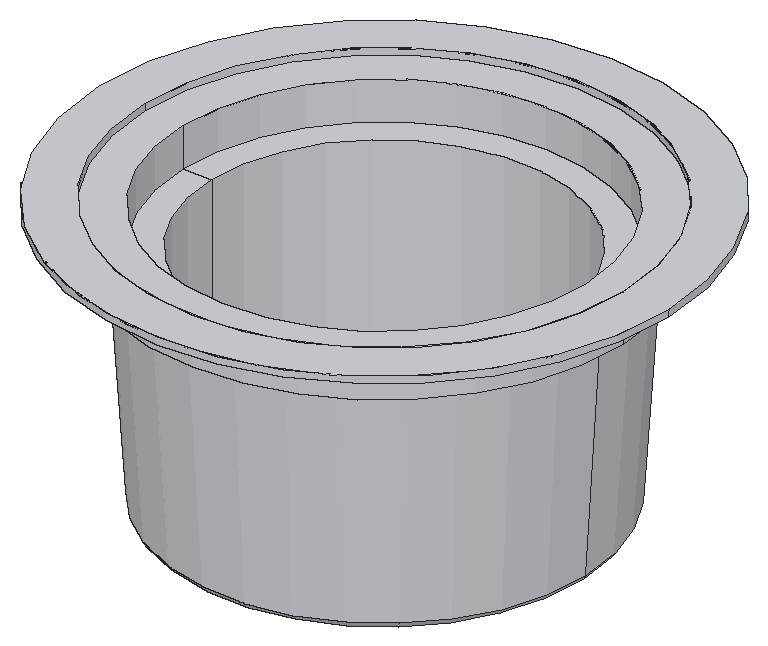
Revit family "Lighting-CommercialSector-GEWISS-ELIA-AL-LED_ACCENT_D172", category Apparecchi per illuminazione, host Superficie, Revit 2019 (continued)
Types (16, lengths in mm): name | Technical sheet | Optic | built-in parameter 1150142 | Lumen output (lm) | Model | IDT | File diagramma fotometrico | Description | Colour temperature: | Colour temperature
  GWF1410MG840 - ELIA AL M2 40K 36° ST.ALONE ON/OFF CRI80 | "https://www.gewiss.com/ww/en/search?q=GWF1101MC840" | "36°" | "IESNA:LM-63-1995\r\n[TEST] 1\r\n[DATE] 27 Nov 2019\r\n[MANUFAC] GEWISS\r\n[LUMCAT] GWF1410MG840\r\n[LUMINAIRE] ELIA AL - M2 36° LED840 25W\r\n[FLASHAREA] 0.003065\r\n[LAMPCAT] LED 25W/2700lm\r\n[LAMP] LED 25W/2700lm\r\nTILT=NONE\r\n1 2700.00 1.0 91 4 1 2 -0.127 0.000 0.000\r\n1.00 1.00 25.00\r\n0.00 1.00 2.00 3.00 4.00 5.00 6.00 7.00 8.00 9.00 10.00 \r\n11.00 12.00 13.00 14.00 15.00 16.00 17.00 18.00 19.00 \r\n20.00 21.00 22.00 23.00 24.00 25.00 26.00 27.00 28.00 \r\n29.00 30.00 31.00 32.00 33.00 34.00 35.00 36.00 37.00 \r\n38.00 39.00 40.00 41.00 42.00 43.00 44.00 45.00 46.00 \r\n47.00 48.00 49.00 50.00 51.00 52.00 53.00 54.00 55.00 \r\n56.00 57.00 58.00 59.00 60.00 61.00 62.00 63.00 64.00 \r\n65.00 66.00 67.00 68.00 69.00 70.00 71.00 72.00 73.00 \r\n74.00 75.00 76.00 77.00 78.00 79.00 80.00 81.00 82.00 \r\n83.00 84.00 85.00 86.00 87.00 88.00 89.00 90.00 \r\n0.00 30.00 60.00 90.00 \r\n5832.00 5814.45 5775.30 5721.30 5655.15 5564.70 5443.20 \r\n5314.95 5157.00 4982.85 4792.50 4579.20 4351.05 4108.05 \r\n3854.25 3600.45 3335.85 3075.57 2820.15 2575.26 2339.95 \r\n2122.47 1922.81 1731.38 1566.95 1418.31 1284.26 1167.75 \r\n1062.72 969.44 886.82 812.84 745.88 684.99 630.72 581.18 \r\n533.12 489.92 449.01 411.35 372.46 336.56 300.83 263.17 \r\n225.02 186.33 148.61 116.72 89.41 64.10 43.72 30.92 22.87 \r\n15.53 10.53 7.77 6.10 4.93 4.04 3.34 2.83 2.43 2.06 1.83 \r\n1.65 1.48 1.40 1.32 1.25 1.19 1.11 1.06 0.98 0.92 0.86 \r\n0.78 0.72 0.65 0.55 0.45 0.33 0.21 0.14 0.06 0.00 0.00 \r\n0.00 0.00 0.00 0.00 0.00 \r\n5811.75 5800.95 5761.80 5711.85 5636.93 5550.53 5436.45 \r\n5306.85 5153.63 4974.75 4779.00 4564.35 4336.20 4093.88 \r\n3846.15 3591.00 3330.45 3071.32 2817.52 2569.79 2338.07 \r\n2119.30 1920.24 1737.65 1569.78 1420.54 1287.56 1169.57 \r\n1064.95 972.27 889.18 816.55 751.75 692.41 639.70 590.42 \r\n545.74 501.86 462.11 424.37 386.44 349.62 313.90 274.18 \r\n235.14 194.60 154.31 118.61 88.18 62.23 42.57 29.84 21.30 \r\n13.99 9.71 7.34 5.83 4.78 3.97 3.34 2.84 2.42 2.05 1.81 \r\n1.65 1.51 1.41 1.35 1.30 1.20 1.13 1.07 1.00 0.95 0.86 \r\n0.80 0.72 0.64 0.54 0.44 0.34 0.20 0.10 0.06 0.00 0.00 \r\n0.00 0.00 0.00 0.00 0.00 \r\n5813.10 5799.60 5767.88 5713.20 5644.35 5555.93 5447.25 \r\n5310.90 5159.03 4976.78 4781.70 4565.03 4334.85 4096.57 \r\n3848.85 3593.70 3334.50 3075.71 2820.28 2578.23 2344.28 \r\n2127.40 1930.50 1748.52 1582.07 1431.81 1297.55 1178.95 \r\n1072.91 980.30 898.09 825.80 762.01 704.84 653.94 607.03 \r\n563.69 522.32 482.63 444.08 407.77 370.52 333.02 293.34 \r\n251.96 208.39 163.67 121.34 85.79 60.01 42.04 28.82 18.63 \r\n12.31 8.98 7.04 5.71 4.71 3.96 3.37 2.84 2.38 2.04 1.83 \r\n1.66 1.55 1.46 1.39 1.31 1.23 1.16 1.10 1.03 0.95 0.90 \r\n0.82 0.75 0.66 0.57 0.46 0.33 0.24 0.16 0.07 0.00 0.00 \r\n0.00 0.00 0.00 0.00 0.00 \r\n5813.10 5798.25 5769.90 5717.25 5643.00 5555.25 5443.20 \r\n5305.50 5151.60 4982.85 4781.70 4564.35 4336.20 4094.55 \r\n3847.50 3596.40 3337.20 3079.35 2824.61 2579.45 2350.35 \r\n2137.05 1941.98 1752.84 1586.93 1436.27 1301.81 1182.20 \r\n1077.44 983.34 900.18 827.69 765.32 709.56 660.01 611.01 \r\n568.89 528.39 488.16 450.36 414.45 377.70 339.34 299.12 \r\n256.59 211.92 164.25 118.69 80.62 56.82 41.93 27.93 17.13 \r\n11.67 8.83 6.98 5.71 4.74 4.01 3.42 2.88 2.39 2.08 1.81 \r\n1.68 1.57 1.49 1.41 1.33 1.27 1.19 1.11 1.06 1.00 0.90 \r\n0.84 0.76 0.67 0.58 0.48 0.35 0.26 0.18 0.04 0.00 0.00 \r\n0.00 0.00 0.00 0.00 0.00 \r\n" | "2700" | "GWF1410MG840" | "dac8aab5-3b7b-479a-a154-b0cba290e9b5" | "GWF1410MG840.IES" | "ELIA AL M2 40K 36° ST.ALONE ON/OFF CRI80" | "4000K" | "4000K"
  GWF1410MG940 - ELIA AL M2 40K 36° ST.ALONE ON/OFF CRI90 | "https://www.gewiss.com/ww/en/search?q=GWF1100MC840" | "36°" | "IESNA:LM-63-1995\r\n[TEST] 1\r\n[DATE] 27 Nov 2019\r\n[MANUFAC] GEWISS\r\n[LUMCAT] GWF1410MG940\r\n[LUMINAIRE] ELIA AL - M2 36° LED940 25W\r\n[FLASHAREA] 0.003065\r\n[LAMPCAT] LED 25W/2300lm\r\n[LAMP] LED 25W/2300lm\r\nTILT=NONE\r\n1 2300.00 1.0 91 4 1 2 -0.127 0.000 0.000\r\n1.00 1.00 25.00\r\n0.00 1.00 2.00 3.00 4.00 5.00 6.00 7.00 8.00 9.00 10.00 \r\n11.00 12.00 13.00 14.00 15.00 16.00 17.00 18.00 19.00 \r\n20.00 21.00 22.00 23.00 24.00 25.00 26.00 27.00 28.00 \r\n29.00 30.00 31.00 32.00 33.00 34.00 35.00 36.00 37.00 \r\n38.00 39.00 40.00 41.00 42.00 43.00 44.00 45.00 46.00 \r\n47.00 48.00 49.00 50.00 51.00 52.00 53.00 54.00 55.00 \r\n56.00 57.00 58.00 59.00 60.00 61.00 62.00 63.00 64.00 \r\n65.00 66.00 67.00 68.00 69.00 70.00 71.00 72.00 73.00 \r\n74.00 75.00 76.00 77.00 78.00 79.00 80.00 81.00 82.00 \r\n83.00 84.00 85.00 86.00 87.00 88.00 89.00 90.00 \r\n0.00 30.00 60.00 90.00 \r\n4968.00 4953.05 4919.70 4873.70 4817.35 4740.30 4636.80 \r\n4527.55 4393.00 4244.65 4082.50 3900.80 3706.45 3499.45 \r\n3283.25 3067.05 2841.65 2619.93 2402.35 2193.74 1993.29 \r\n1808.03 1637.94 1474.87 1334.80 1208.19 1093.99 994.75 \r\n905.28 825.81 755.43 692.41 635.38 583.51 537.28 495.07 \r\n454.13 417.33 382.49 350.40 317.28 286.69 256.27 224.18 \r\n191.68 158.72 126.59 99.43 76.16 54.60 37.24 26.34 19.49 \r\n13.23 8.97 6.62 5.20 4.20 3.44 2.84 2.41 2.07 1.75 1.56 \r\n1.41 1.26 1.19 1.13 1.06 1.02 0.95 0.90 0.83 0.78 0.73 \r\n0.67 0.62 0.55 0.47 0.38 0.28 0.18 0.12 0.05 0.00 0.00 \r\n0.00 0.00 0.00 0.00 0.00 \r\n4950.75 4941.55 4908.20 4865.65 4801.82 4728.22 4631.05 \r\n4520.65 4390.13 4237.75 4071.00 3888.15 3693.80 3487.37 \r\n3276.35 3059.00 2837.05 2616.31 2400.11 2189.08 1991.68 \r\n1805.33 1635.76 1480.22 1337.22 1210.09 1096.81 996.30 \r\n907.18 828.23 757.45 695.58 640.38 589.83 544.93 502.95 \r\n464.89 427.51 393.64 361.50 329.19 297.82 267.40 233.56 \r\n200.30 165.77 131.44 101.04 75.12 53.01 36.27 25.42 18.15 \r\n11.92 8.27 6.25 4.97 4.08 3.38 2.84 2.42 2.06 1.75 1.54 \r\n1.40 1.28 1.21 1.15 1.11 1.02 0.97 0.91 0.85 0.81 0.73 \r\n0.68 0.62 0.55 0.46 0.37 0.29 0.17 0.09 0.05 0.00 0.00 \r\n0.00 0.00 0.00 0.00 0.00 \r\n4951.90 4940.40 4913.38 4866.80 4808.15 4732.82 4640.25 \r\n4524.10 4394.72 4239.47 4073.30 3888.72 3692.65 3489.67 \r\n3278.65 3061.30 2840.50 2620.05 2402.46 2196.27 1996.97 \r\n1812.23 1644.50 1489.48 1347.68 1219.69 1105.32 1004.29 \r\n913.96 835.07 765.04 703.46 649.12 600.41 557.06 517.10 \r\n480.18 444.93 411.12 378.29 347.36 315.63 283.69 249.88 \r\n214.64 177.52 139.43 103.36 73.08 51.12 35.81 24.55 15.87 \r\n10.49 7.65 6.00 4.86 4.02 3.37 2.87 2.42 2.03 1.74 1.56 \r\n1.41 1.32 1.25 1.18 1.11 1.05 0.99 0.94 0.88 0.81 0.76 \r\n0.70 0.64 0.56 0.49 0.40 0.28 0.20 0.13 0.06 0.00 0.00 \r\n0.00 0.00 0.00 0.00 0.00 \r\n4951.90 4939.25 4915.10 4870.25 4807.00 4732.25 4636.80 \r\n4519.50 4388.40 4244.65 4073.30 3888.15 3693.80 3487.95 \r\n3277.50 3063.60 2842.80 2623.15 2406.14 2197.30 2002.15 \r\n1820.45 1654.27 1493.16 1351.82 1223.48 1108.94 1007.05 \r\n917.81 837.66 766.82 705.06 651.93 604.44 562.23 520.49 \r\n484.61 450.11 415.84 383.64 353.05 321.75 289.06 254.81 \r\n218.58 180.53 139.92 101.11 68.68 48.40 35.72 23.79 14.59 \r\n9.94 7.53 5.95 4.86 4.04 3.41 2.91 2.45 2.04 1.78 1.55 \r\n1.43 1.34 1.27 1.20 1.13 1.08 1.01 0.95 0.90 0.85 0.77 \r\n0.72 0.65 0.57 0.50 0.41 0.30 0.22 0.16 0.03 0.00 0.00 \r\n0.00 0.00 0.00 0.00 0.00 \r\n" | "2430" | "GWF1410MG940" | "b264b49f-5d6f-4a66-ab17-1af13ed3dbcf" | "GWF1410MG940.IES" | "ELIA AL M2 40K 36° ST.ALONE ON/OFF CRI90" | "4000K" | "4000K"
  GWF1411MH840 - ELIA AL M2 40K 60° ST.ALONE DALI CRI80 | "https://www.gewiss.com/ww/en/search?q=GWF1100GF840" | "60°" | "IESNA:LM-63-1995\r\n[TEST] 1\r\n[DATE] 27 Nov 2019\r\n[MANUFAC] GEWISS\r\n[LUMCAT] GWF1411MH840\r\n[LUMINAIRE] ELIA AL - M2 60° LED840 25W - DALI\r\n[FLASHAREA] 0.003065\r\n[LAMPCAT] LED 25W/2840lm\r\n[LAMP] LED 25W/2840lm\r\nTILT=NONE\r\n1 2840.00 1.0 91 4 1 2 -0.127 0.000 0.000\r\n1.00 1.00 25.00\r\n0.00 1.00 2.00 3.00 4.00 5.00 6.00 7.00 8.00 9.00 10.00 \r\n11.00 12.00 13.00 14.00 15.00 16.00 17.00 18.00 19.00 \r\n20.00 21.00 22.00 23.00 24.00 25.00 26.00 27.00 28.00 \r\n29.00 30.00 31.00 32.00 33.00 34.00 35.00 36.00 37.00 \r\n38.00 39.00 40.00 41.00 42.00 43.00 44.00 45.00 46.00 \r\n47.00 48.00 49.00 50.00 51.00 52.00 53.00 54.00 55.00 \r\n56.00 57.00 58.00 59.00 60.00 61.00 62.00 63.00 64.00 \r\n65.00 66.00 67.00 68.00 69.00 70.00 71.00 72.00 73.00 \r\n74.00 75.00 76.00 77.00 78.00 79.00 80.00 81.00 82.00 \r\n83.00 84.00 85.00 86.00 87.00 88.00 89.00 90.00 \r\n0.00 30.00 60.00 90.00 \r\n3382.44 3385.28 3389.54 3393.80 3395.22 3389.54 3378.18 \r\n3362.56 3346.94 3328.48 3311.44 3292.98 3267.42 3234.76 \r\n3195.00 3145.30 3081.40 3006.14 2920.94 2822.82 2717.03 \r\n2602.72 2481.17 2350.95 2215.48 2073.34 1928.50 1787.64 \r\n1641.80 1496.40 1354.40 1220.63 1099.79 990.88 892.61 \r\n804.15 724.20 652.77 587.45 526.96 471.16 419.18 370.90 \r\n324.61 280.62 236.93 194.92 154.14 117.18 87.90 64.82 \r\n46.31 31.62 21.92 15.01 9.69 6.17 4.04 3.17 2.70 2.36 \r\n2.12 1.86 1.63 1.47 1.34 1.26 1.19 1.12 1.07 1.00 0.96 \r\n0.91 0.86 0.79 0.73 0.67 0.60 0.52 0.43 0.34 0.25 0.16 \r\n0.08 0.00 0.00 0.00 0.00 0.00 0.00 0.00 \r\n3365.40 3368.24 3373.21 3375.34 3371.79 3363.98 3354.04 \r\n3341.26 3327.06 3310.02 3294.40 3273.10 3247.54 3212.75 \r\n3171.57 3121.16 3057.97 2983.42 2898.36 2803.65 2699.92 \r\n2587.45 2468.67 2342.22 2209.45 2070.79 1928.00 1784.87 \r\n1641.45 1497.11 1354.25 1222.69 1102.56 993.72 897.08 \r\n809.47 730.02 658.60 593.42 533.21 476.69 424.37 376.09 \r\n329.79 285.04 241.39 199.03 157.45 119.44 89.01 66.05 \r\n46.99 31.79 21.98 15.11 9.78 6.07 4.06 3.16 2.65 2.35 \r\n2.12 1.86 1.63 1.45 1.33 1.25 1.18 1.11 1.05 1.00 0.94 \r\n0.89 0.84 0.79 0.72 0.65 0.58 0.52 0.44 0.34 0.25 0.14 \r\n0.06 0.00 0.00 0.00 0.00 0.00 0.00 0.00 \r\n3365.40 3367.53 3372.50 3375.34 3371.79 3365.40 3351.20 \r\n3335.58 3319.96 3303.63 3288.01 3268.13 3241.86 3209.20 \r\n3168.02 3118.32 3055.84 2981.29 2896.30 2801.45 2697.86 \r\n2585.25 2466.18 2339.52 2205.90 2066.53 1924.17 1780.96 \r\n1640.60 1499.24 1357.31 1224.11 1103.20 993.93 897.08 \r\n809.75 731.23 660.23 595.55 536.33 479.39 426.92 379.85 \r\n333.13 287.19 243.32 200.25 158.28 119.28 88.84 66.58 \r\n47.00 31.94 22.08 15.23 9.89 5.99 4.15 3.16 2.67 2.38 \r\n2.14 1.89 1.66 1.47 1.35 1.28 1.20 1.13 1.08 1.01 0.96 \r\n0.90 0.86 0.80 0.73 0.68 0.60 0.53 0.45 0.36 0.26 0.15 \r\n0.04 0.00 0.00 0.00 0.00 0.00 0.00 0.00 \r\n3365.40 3366.82 3373.92 3376.76 3376.76 3368.24 3354.04 \r\n3335.58 3317.12 3300.08 3280.20 3261.74 3234.76 3203.52 \r\n3163.76 3112.64 3048.74 2974.90 2887.57 2794.13 2689.76 \r\n2577.44 2458.45 2332.63 2199.86 2060.99 1918.70 1775.00 \r\n1638.25 1497.11 1354.68 1221.63 1101.78 993.57 897.44 \r\n809.83 730.87 659.87 595.83 536.62 479.68 427.70 380.99 \r\n335.26 288.09 244.15 200.39 158.67 118.98 88.38 66.71 \r\n46.79 31.98 22.16 15.37 10.01 5.94 4.23 3.22 2.73 2.43 \r\n2.21 1.96 1.73 1.50 1.40 1.31 1.23 1.16 1.10 1.05 0.98 \r\n0.93 0.87 0.83 0.75 0.69 0.61 0.53 0.47 0.37 0.27 0.15 \r\n0.03 0.00 0.00 0.00 0.00 0.00 0.00 0.00 \r\n" | "2840" | "GWF1411MH840" | "811feeb8-1be9-4e25-a985-b7d70e74650b" | "GWF1411MH840.IES" | "ELIA AL M2 40K 60° ST.ALONE DALI CRI80" | "4000K" | "4000K"
  GWF1411MH940 - ELIA AL M2 40K 60° ST.ALONE DALI CRI90 | "https://www.gewiss.com/ww/en/search?q=GWF1100GH840" | "60°" | "IESNA:LM-63-1995\r\n[TEST] 1\r\n[DATE] 27 Nov 2019\r\n[MANUFAC] GEWISS\r\n[LUMCAT] GWF1411MH940\r\n[LUMINAIRE] ELIA AL - M2 60° LED940 25W - DALI\r\n[FLASHAREA] 0.003065\r\n[LAMPCAT] LED 25W/2400lm\r\n[LAMP] LED 25W/2400lm\r\nTILT=NONE\r\n1 2400.00 1.0 91 4 1 2 -0.127 0.000 0.000\r\n1.00 1.00 25.00\r\n0.00 1.00 2.00 3.00 4.00 5.00 6.00 7.00 8.00 9.00 10.00 \r\n11.00 12.00 13.00 14.00 15.00 16.00 17.00 18.00 19.00 \r\n20.00 21.00 22.00 23.00 24.00 25.00 26.00 27.00 28.00 \r\n29.00 30.00 31.00 32.00 33.00 34.00 35.00 36.00 37.00 \r\n38.00 39.00 40.00 41.00 42.00 43.00 44.00 45.00 46.00 \r\n47.00 48.00 49.00 50.00 51.00 52.00 53.00 54.00 55.00 \r\n56.00 57.00 58.00 59.00 60.00 61.00 62.00 63.00 64.00 \r\n65.00 66.00 67.00 68.00 69.00 70.00 71.00 72.00 73.00 \r\n74.00 75.00 76.00 77.00 78.00 79.00 80.00 81.00 82.00 \r\n83.00 84.00 85.00 86.00 87.00 88.00 89.00 90.00 \r\n0.00 30.00 60.00 90.00 \r\n2858.40 2860.80 2864.40 2868.00 2869.20 2864.40 2854.80 \r\n2841.60 2828.40 2812.80 2798.40 2782.80 2761.20 2733.60 \r\n2700.00 2658.00 2604.00 2540.40 2468.40 2385.48 2296.08 \r\n2199.48 2096.76 1986.72 1872.24 1752.12 1629.72 1510.68 \r\n1387.44 1264.56 1144.56 1031.52 929.40 837.36 754.32 \r\n679.56 612.00 551.64 496.44 445.32 398.16 354.24 313.44 \r\n274.32 237.14 200.22 164.72 130.26 99.02 74.28 54.78 \r\n39.13 26.72 18.53 12.68 8.19 5.21 3.41 2.68 2.28 1.99 \r\n1.79 1.57 1.38 1.24 1.13 1.06 1.00 0.95 0.90 0.84 0.82 \r\n0.77 0.73 0.67 0.62 0.57 0.51 0.44 0.36 0.28 0.21 0.14 \r\n0.07 0.00 0.00 0.00 0.00 0.00 0.00 0.00 \r\n2844.00 2846.40 2850.60 2852.40 2849.40 2842.80 2834.40 \r\n2823.60 2811.60 2797.20 2784.00 2766.00 2744.40 2715.00 \r\n2680.20 2637.60 2584.20 2521.20 2449.32 2369.28 2281.62 \r\n2186.58 2086.20 1979.34 1867.14 1749.96 1629.30 1508.34 \r\n1387.14 1265.16 1144.44 1033.26 931.74 839.76 758.10 \r\n684.06 616.92 556.56 501.48 450.60 402.84 358.62 317.82 \r\n278.70 240.88 203.99 168.20 133.06 100.93 75.22 55.82 \r\n39.71 26.86 18.57 12.77 8.27 5.13 3.43 2.67 2.24 1.98 \r\n1.79 1.57 1.38 1.23 1.13 1.06 0.99 0.94 0.89 0.85 0.80 \r\n0.75 0.71 0.67 0.61 0.55 0.49 0.44 0.37 0.29 0.21 0.11 \r\n0.05 0.00 0.00 0.00 0.00 0.00 0.00 0.00 \r\n2844.00 2845.80 2850.00 2852.40 2849.40 2844.00 2832.00 \r\n2818.80 2805.60 2791.80 2778.60 2761.80 2739.60 2712.00 \r\n2677.20 2635.20 2582.40 2519.40 2447.58 2367.42 2279.88 \r\n2184.72 2084.10 1977.06 1864.14 1746.36 1626.06 1505.04 \r\n1386.42 1266.96 1147.02 1034.46 932.28 839.94 758.10 \r\n684.30 617.94 557.94 503.28 453.24 405.12 360.78 321.00 \r\n281.52 242.69 205.63 169.22 133.76 100.80 75.07 56.26 \r\n39.72 26.99 18.66 12.87 8.36 5.06 3.51 2.67 2.26 2.01 \r\n1.81 1.60 1.41 1.24 1.14 1.09 1.01 0.96 0.91 0.86 0.81 \r\n0.76 0.72 0.68 0.62 0.57 0.51 0.45 0.38 0.31 0.22 0.13 \r\n0.03 0.00 0.00 0.00 0.00 0.00 0.00 0.00 \r\n2844.00 2845.20 2851.20 2853.60 2853.60 2846.40 2834.40 \r\n2818.80 2803.20 2788.80 2772.00 2756.40 2733.60 2707.20 \r\n2673.60 2630.40 2576.40 2514.00 2440.20 2361.24 2273.04 \r\n2178.12 2077.56 1971.24 1859.04 1741.68 1621.44 1500.00 \r\n1384.44 1265.16 1144.80 1032.36 931.08 839.64 758.40 \r\n684.36 617.64 557.64 503.52 453.48 405.36 361.44 321.96 \r\n283.32 243.46 206.33 169.34 134.09 100.55 74.69 56.38 \r\n39.54 27.02 18.73 12.99 8.46 5.02 3.58 2.72 2.31 2.06 \r\n1.87 1.66 1.46 1.26 1.18 1.11 1.04 0.98 0.93 0.89 0.83 \r\n0.78 0.74 0.70 0.63 0.58 0.52 0.45 0.39 0.31 0.22 0.13 \r\n0.02 0.00 0.00 0.00 0.00 0.00 0.00 0.00 \r\n" | "2550" | "GWF1411MH940" | "c1be2df2-232f-40c1-8cd1-aa0a19295d6b" | "GWF1411MH940.IES" | "ELIA AL M2 40K 60° ST.ALONE DALI CRI90" | "4000K" | "4000K"
  GWF1410MH840 - ELIA AL M2 40K 60° ST.ALONE ON/OFF CRI80 | "https://www.gewiss.com/ww/en/search?q=GWF1100GC840" | "60°" | "IESNA:LM-63-1995\r\n[TEST] 1\r\n[DATE] 27 Nov 2019\r\n[MANUFAC] GEWISS\r\n[LUMCAT] GWF1410MH840\r\n[LUMINAIRE] ELIA AL - M2 60° LED840 25W\r\n[FLASHAREA] 0.003065\r\n[LAMPCAT] LED 25W/2840lm\r\n[LAMP] LED 25W/2840lm\r\nTILT=NONE\r\n1 2840.00 1.0 91 4 1 2 -0.127 0.000 0.000\r\n1.00 1.00 25.00\r\n0.00 1.00 2.00 3.00 4.00 5.00 6.00 7.00 8.00 9.00 10.00 \r\n11.00 12.00 13.00 14.00 15.00 16.00 17.00 18.00 19.00 \r\n20.00 21.00 22.00 23.00 24.00 25.00 26.00 27.00 28.00 \r\n29.00 30.00 31.00 32.00 33.00 34.00 35.00 36.00 37.00 \r\n38.00 39.00 40.00 41.00 42.00 43.00 44.00 45.00 46.00 \r\n47.00 48.00 49.00 50.00 51.00 52.00 53.00 54.00 55.00 \r\n56.00 57.00 58.00 59.00 60.00 61.00 62.00 63.00 64.00 \r\n65.00 66.00 67.00 68.00 69.00 70.00 71.00 72.00 73.00 \r\n74.00 75.00 76.00 77.00 78.00 79.00 80.00 81.00 82.00 \r\n83.00 84.00 85.00 86.00 87.00 88.00 89.00 90.00 \r\n0.00 30.00 60.00 90.00 \r\n3382.44 3385.28 3389.54 3393.80 3395.22 3389.54 3378.18 \r\n3362.56 3346.94 3328.48 3311.44 3292.98 3267.42 3234.76 \r\n3195.00 3145.30 3081.40 3006.14 2920.94 2822.82 2717.03 \r\n2602.72 2481.17 2350.95 2215.48 2073.34 1928.50 1787.64 \r\n1641.80 1496.40 1354.40 1220.63 1099.79 990.88 892.61 \r\n804.15 724.20 652.77 587.45 526.96 471.16 419.18 370.90 \r\n324.61 280.62 236.93 194.92 154.14 117.18 87.90 64.82 \r\n46.31 31.62 21.92 15.01 9.69 6.17 4.04 3.17 2.70 2.36 \r\n2.12 1.86 1.63 1.47 1.34 1.26 1.19 1.12 1.07 1.00 0.96 \r\n0.91 0.86 0.79 0.73 0.67 0.60 0.52 0.43 0.34 0.25 0.16 \r\n0.08 0.00 0.00 0.00 0.00 0.00 0.00 0.00 \r\n3365.40 3368.24 3373.21 3375.34 3371.79 3363.98 3354.04 \r\n3341.26 3327.06 3310.02 3294.40 3273.10 3247.54 3212.75 \r\n3171.57 3121.16 3057.97 2983.42 2898.36 2803.65 2699.92 \r\n2587.45 2468.67 2342.22 2209.45 2070.79 1928.00 1784.87 \r\n1641.45 1497.11 1354.25 1222.69 1102.56 993.72 897.08 \r\n809.47 730.02 658.60 593.42 533.21 476.69 424.37 376.09 \r\n329.79 285.04 241.39 199.03 157.45 119.44 89.01 66.05 \r\n46.99 31.79 21.98 15.11 9.78 6.07 4.06 3.16 2.65 2.35 \r\n2.12 1.86 1.63 1.45 1.33 1.25 1.18 1.11 1.05 1.00 0.94 \r\n0.89 0.84 0.79 0.72 0.65 0.58 0.52 0.44 0.34 0.25 0.14 \r\n0.06 0.00 0.00 0.00 0.00 0.00 0.00 0.00 \r\n3365.40 3367.53 3372.50 3375.34 3371.79 3365.40 3351.20 \r\n3335.58 3319.96 3303.63 3288.01 3268.13 3241.86 3209.20 \r\n3168.02 3118.32 3055.84 2981.29 2896.30 2801.45 2697.86 \r\n2585.25 2466.18 2339.52 2205.90 2066.53 1924.17 1780.96 \r\n1640.60 1499.24 1357.31 1224.11 1103.20 993.93 897.08 \r\n809.75 731.23 660.23 595.55 536.33 479.39 426.92 379.85 \r\n333.13 287.19 243.32 200.25 158.28 119.28 88.84 66.58 \r\n47.00 31.94 22.08 15.23 9.89 5.99 4.15 3.16 2.67 2.38 \r\n2.14 1.89 1.66 1.47 1.35 1.28 1.20 1.13 1.08 1.01 0.96 \r\n0.90 0.86 0.80 0.73 0.68 0.60 0.53 0.45 0.36 0.26 0.15 \r\n0.04 0.00 0.00 0.00 0.00 0.00 0.00 0.00 \r\n3365.40 3366.82 3373.92 3376.76 3376.76 3368.24 3354.04 \r\n3335.58 3317.12 3300.08 3280.20 3261.74 3234.76 3203.52 \r\n3163.76 3112.64 3048.74 2974.90 2887.57 2794.13 2689.76 \r\n2577.44 2458.45 2332.63 2199.86 2060.99 1918.70 1775.00 \r\n1638.25 1497.11 1354.68 1221.63 1101.78 993.57 897.44 \r\n809.83 730.87 659.87 595.83 536.62 479.68 427.70 380.99 \r\n335.26 288.09 244.15 200.39 158.67 118.98 88.38 66.71 \r\n46.79 31.98 22.16 15.37 10.01 5.94 4.23 3.22 2.73 2.43 \r\n2.21 1.96 1.73 1.50 1.40 1.31 1.23 1.16 1.10 1.05 0.98 \r\n0.93 0.87 0.83 0.75 0.69 0.61 0.53 0.47 0.37 0.27 0.15 \r\n0.03 0.00 0.00 0.00 0.00 0.00 0.00 0.00 \r\n" | "2840" | "GWF1410MH840" | "9b1967a0-f2df-450d-9397-f0da209af0c0" | "GWF1410MH840.IES" | "ELIA AL M2 40K 60° ST.ALONE ON/OFF CRI80" | "4000K" | "4000K"
  GWF1410MH940 - ELIA AL M2 40K 60° ST.ALONE ON/OFF CRI90 | "https://www.gewiss.com/ww/en/search?q=GWF1101VF840" | "60°" | "IESNA:LM-63-1995\r\n[TEST] 1\r\n[DATE] 27 Nov 2019\r\n[MANUFAC] GEWISS\r\n[LUMCAT] GWF1410MH940\r\n[LUMINAIRE] ELIA AL - M2 60° LED940 25W\r\n[FLASHAREA] 0.003065\r\n[LAMPCAT] LED 25W/2400lm\r\n[LAMP] LED 25W/2400lm\r\nTILT=NONE\r\n1 2400.00 1.0 91 4 1 2 -0.127 0.000 0.000\r\n1.00 1.00 25.00\r\n0.00 1.00 2.00 3.00 4.00 5.00 6.00 7.00 8.00 9.00 10.00 \r\n11.00 12.00 13.00 14.00 15.00 16.00 17.00 18.00 19.00 \r\n20.00 21.00 22.00 23.00 24.00 25.00 26.00 27.00 28.00 \r\n29.00 30.00 31.00 32.00 33.00 34.00 35.00 36.00 37.00 \r\n38.00 39.00 40.00 41.00 42.00 43.00 44.00 45.00 46.00 \r\n47.00 48.00 49.00 50.00 51.00 52.00 53.00 54.00 55.00 \r\n56.00 57.00 58.00 59.00 60.00 61.00 62.00 63.00 64.00 \r\n65.00 66.00 67.00 68.00 69.00 70.00 71.00 72.00 73.00 \r\n74.00 75.00 76.00 77.00 78.00 79.00 80.00 81.00 82.00 \r\n83.00 84.00 85.00 86.00 87.00 88.00 89.00 90.00 \r\n0.00 30.00 60.00 90.00 \r\n2858.40 2860.80 2864.40 2868.00 2869.20 2864.40 2854.80 \r\n2841.60 2828.40 2812.80 2798.40 2782.80 2761.20 2733.60 \r\n2700.00 2658.00 2604.00 2540.40 2468.40 2385.48 2296.08 \r\n2199.48 2096.76 1986.72 1872.24 1752.12 1629.72 1510.68 \r\n1387.44 1264.56 1144.56 1031.52 929.40 837.36 754.32 \r\n679.56 612.00 551.64 496.44 445.32 398.16 354.24 313.44 \r\n274.32 237.14 200.22 164.72 130.26 99.02 74.28 54.78 \r\n39.13 26.72 18.53 12.68 8.19 5.21 3.41 2.68 2.28 1.99 \r\n1.79 1.57 1.38 1.24 1.13 1.06 1.00 0.95 0.90 0.84 0.82 \r\n0.77 0.73 0.67 0.62 0.57 0.51 0.44 0.36 0.28 0.21 0.14 \r\n0.07 0.00 0.00 0.00 0.00 0.00 0.00 0.00 \r\n2844.00 2846.40 2850.60 2852.40 2849.40 2842.80 2834.40 \r\n2823.60 2811.60 2797.20 2784.00 2766.00 2744.40 2715.00 \r\n2680.20 2637.60 2584.20 2521.20 2449.32 2369.28 2281.62 \r\n2186.58 2086.20 1979.34 1867.14 1749.96 1629.30 1508.34 \r\n1387.14 1265.16 1144.44 1033.26 931.74 839.76 758.10 \r\n684.06 616.92 556.56 501.48 450.60 402.84 358.62 317.82 \r\n278.70 240.88 203.99 168.20 133.06 100.93 75.22 55.82 \r\n39.71 26.86 18.57 12.77 8.27 5.13 3.43 2.67 2.24 1.98 \r\n1.79 1.57 1.38 1.23 1.13 1.06 0.99 0.94 0.89 0.85 0.80 \r\n0.75 0.71 0.67 0.61 0.55 0.49 0.44 0.37 0.29 0.21 0.11 \r\n0.05 0.00 0.00 0.00 0.00 0.00 0.00 0.00 \r\n2844.00 2845.80 2850.00 2852.40 2849.40 2844.00 2832.00 \r\n2818.80 2805.60 2791.80 2778.60 2761.80 2739.60 2712.00 \r\n2677.20 2635.20 2582.40 2519.40 2447.58 2367.42 2279.88 \r\n2184.72 2084.10 1977.06 1864.14 1746.36 1626.06 1505.04 \r\n1386.42 1266.96 1147.02 1034.46 932.28 839.94 758.10 \r\n684.30 617.94 557.94 503.28 453.24 405.12 360.78 321.00 \r\n281.52 242.69 205.63 169.22 133.76 100.80 75.07 56.26 \r\n39.72 26.99 18.66 12.87 8.36 5.06 3.51 2.67 2.26 2.01 \r\n1.81 1.60 1.41 1.24 1.14 1.09 1.01 0.96 0.91 0.86 0.81 \r\n0.76 0.72 0.68 0.62 0.57 0.51 0.45 0.38 0.31 0.22 0.13 \r\n0.03 0.00 0.00 0.00 0.00 0.00 0.00 0.00 \r\n2844.00 2845.20 2851.20 2853.60 2853.60 2846.40 2834.40 \r\n2818.80 2803.20 2788.80 2772.00 2756.40 2733.60 2707.20 \r\n2673.60 2630.40 2576.40 2514.00 2440.20 2361.24 2273.04 \r\n2178.12 2077.56 1971.24 1859.04 1741.68 1621.44 1500.00 \r\n1384.44 1265.16 1144.80 1032.36 931.08 839.64 758.40 \r\n684.36 617.64 557.64 503.52 453.48 405.36 361.44 321.96 \r\n283.32 243.46 206.33 169.34 134.09 100.55 74.69 56.38 \r\n39.54 27.02 18.73 12.99 8.46 5.02 3.58 2.72 2.31 2.06 \r\n1.87 1.66 1.46 1.26 1.18 1.11 1.04 0.98 0.93 0.89 0.83 \r\n0.78 0.74 0.70 0.63 0.58 0.52 0.45 0.39 0.31 0.22 0.13 \r\n0.02 0.00 0.00 0.00 0.00 0.00 0.00 0.00 \r\n" | "2550" | "GWF1410MH940" | "1517997e-dc7f-4757-a671-0a8d38be3321" | "GWF1410MH940.IES" | "ELIA AL M2 40K 60° ST.ALONE ON/OFF CRI90" | "4000K" | "4000K"
